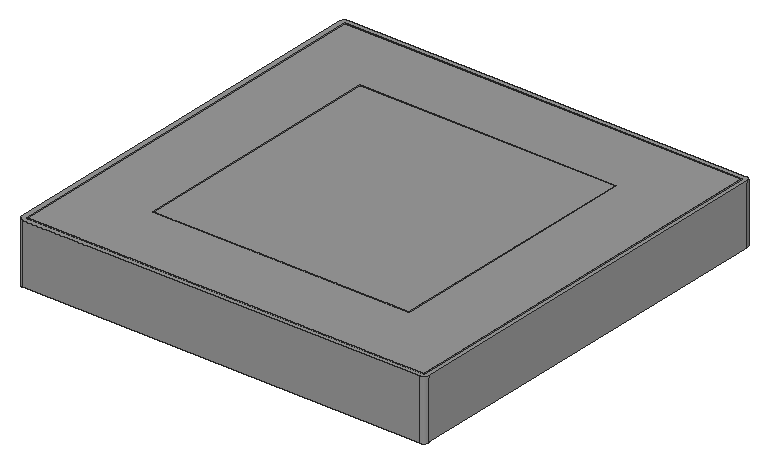
Revit family "Orbit", category Mechanical Equipment, Revit 2019
Family settings
  Round Connector Dimension = Use Diameter
  Classification = None
  Part Type = Normal
  OmniClass Number = 23.75.00.00
  OmniClass Title = Climate Control (HVAC)
  Work Plane-Based = Yes
  Always vertical = No
  Cut with Voids When Loaded = No
  Shared = No
  Room Calculation Point = No
Parameters
  With = 82 mm
  URL = "https://www.airmaster-as.com/en/"
  Model = "Orbit Panel"
  Manufacturer = "Airmaster A/S"
  Hight = 82 mm
  Group ID = 0 mm
  Description = "Control Panel for Airmaster units"
  Depth = 12 mm
  Default Elevation = 1219.2 mm
  Connection cable = "(STP) 2x2x0.6 data cable"
  Communication ID = 0
Reference planes
  plane 1 "Center (Front/Back)": y = 0
  plane 2: z = 0
  plane 3 "Center (Left/Right)": x = 0
Forms (mm)
  Extrusion 1, solid, material "Orbit Panel"
    sketch origin (0, 0, 0) x (1, 0, 0) y (0, 1, 0)
      loop
        arc (-40.037, 41) -> (-40.718, 40.718) -> (-41, 40.037) r 0.963
        line (-41, 40.037) -> (-41, -40.015)
        arc (-41, -40.015) -> (-40.712, -40.712) -> (-40.015, -41) r 0.985
        line (-40.015, -41) -> (39.952, -41)
        arc (39.952, -41) -> (40.693, -40.693) -> (41, -39.952) r 1.048
        line (41, -39.952) -> (41, 39.972)
        arc (41, 39.972) -> (40.699, 40.699) -> (39.972, 41) r 1.028
        line (39.972, 41) -> (-40.037, 41)
      loop
        line (40, 40) -> (-40, 40) -> (-40, -40) -> (40, -40) -> (40, 40)
    from 0 to 12 <- "Depth"
  Extrusion 2, solid, material "Panel Front"
    sketch origin (0, 0, 12) x (1, 0, 0) y (0, 1, 0)
      loop
        line (-25.75, 26.003) -> (-25.75, -26.003) -> (25.75, -26.003) -> (25.75, 26.003) -> (-25.75, 26.003)
    from -2.302 to 0
  Extrusion 3, solid, material "Front Boarder"
    sketch origin (0, 0, 0) x (1, 0, 0) y (0, 1, 0)
      loop
        line (-25.75, 26.003) -> (-25.75, -26.003) -> (25.75, -26.003) -> (25.75, 26.003) -> (-25.75, 26.003)
      loop
        line (-40, 40) -> (-40, -40) -> (40, -40) -> (40, 40) -> (-40, 40)
    from 10.916 to 12
  Extrusion 4, solid, material "Orbit Panel"
    sketch origin (0, 0, 0) x (1, 0, 0) y (0, 1, 0)
      loop
        line (-40, 40) -> (-40, -40) -> (40, -40) -> (40, 40) -> (-40, 40)
    from 0 to 9.698
Dimensions and locks
  equal spacing: Extrusion 1 sketch curve, plane 1 "Center (Front/Back)", Extrusion 1 sketch curve
  equal spacing: Extrusion 1 sketch curve, plane 3 "Center (Left/Right)", Extrusion 1 sketch curve
  "With": Extrusion 1 sketch curve to Extrusion 1 sketch curve
  "Hight": Extrusion 1 sketch curve to Extrusion 1 sketch curve
  equal spacing: Extrusion 2 sketch curve, plane 3 "Center (Left/Right)", Extrusion 2 sketch curve
  equal spacing: Extrusion 2 sketch curve, plane 1 "Center (Front/Back)", Extrusion 2 sketch curve
  Extrusion 2 sketch curve to Extrusion 2 sketch curve = 52.006 mm
  Extrusion 2 sketch curve to Extrusion 2 sketch curve = 51.5 mm
  Extrusion 3 to plane 2 = 12 mm
  plane 2 to Extrusion 3 = 12 mm
  aligned and locked: level to plane 2
Automatic sketch dimensions
  Extrusion 3 sketch curve to plane 3 "Center (Left/Right)" = 40 mm
  Extrusion 3 sketch curve to Extrusion 3 sketch curve = 14.25 mm  (x2)
  plane 3 "Center (Left/Right)" to Extrusion 3 sketch curve = 25.75 mm
  plane 1 "Center (Front/Back)" to Extrusion 3 sketch curve = 40 mm
  Extrusion 3 sketch curve to Extrusion 3 sketch curve = 13.997 mm  (x2)
  Extrusion 3 sketch curve to plane 1 "Center (Front/Back)" = 26.003 mm
  Extrusion 4 sketch curve to plane 3 "Center (Left/Right)" = 40 mm
  plane 3 "Center (Left/Right)" to Extrusion 4 sketch curve = 40 mm
  plane 1 "Center (Front/Back)" to Extrusion 4 sketch curve = 40 mm
  Extrusion 4 sketch curve to plane 1 "Center (Front/Back)" = 40 mm
  Extrusion 1 sketch curve to Extrusion 1 sketch curve = 0.963 mm
  Extrusion 1 sketch curve to Extrusion 1 sketch curve = 0.985 mm
  Extrusion 1 sketch curve to Extrusion 1 sketch curve = 0.037 mm  (x2)
  Extrusion 1 sketch curve to Extrusion 1 sketch curve = 1.048 mm
  Extrusion 1 sketch curve to Extrusion 1 sketch curve = 1.028 mm
  Extrusion 1 sketch curve to Extrusion 1 sketch curve = 0.028 mm
  Extrusion 1 sketch curve to Extrusion 1 sketch curve = 0.015 mm
